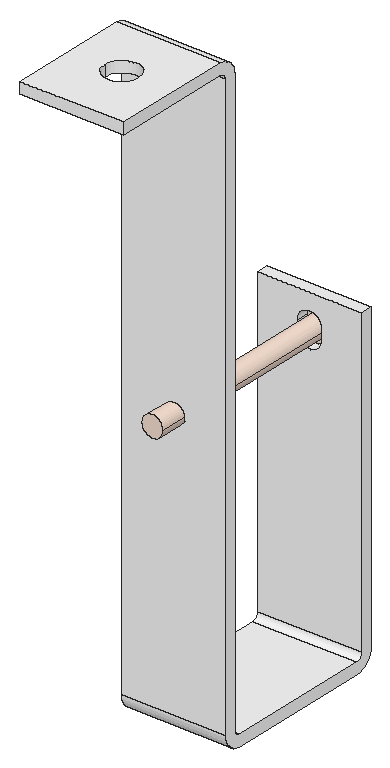
Revit family "lghanger_c75x45x15_outer", category 機械設備, Revit 2022
Family settings
  丸型コネクタ寸法 = 直径を使用
  種別 = なし
  パーツ タイプ = 標準
  作業面ベース = いいえ
  常に垂直 = はい
  ロード時にボイドで切り取り = いいえ
  注釈の向きを維持 = いいえ
  共有 = いいえ
  部屋計算ポイント = いいえ
Parameters
  製造元 = "株式会社桐井製作所"
  既定の高さ = 0 mm
  URL = "https://www.kirii.co.jp/"
  K_材質 = "SGHC　一般用"
  K_品名 = "75×45×15LGハンガー(外折れ)"
  K_名称 = "その他ハンガー"
  K_入数 = "100"
  K_バージョン情報 = "20211012"
  K_めっき付着量 = "Z12"
  K_JIS規格 = "JIS G 3302"
Reference planes
  plane 1 "中心(正面/背面)": y = 0
  plane 2: z = 0
  plane 3 "中心(左/右)": x = 0
  plane 4: x = 15
  plane 5: x = -15
Forms (mm)
  Extrusion 1, solid
    sketch origin (0, 0, 0) x (0, 1, 0) y (0, 0, 1)
      loop
        line (0, 1.8) -> (0, 171.8)
        arc (0, 171.8) -> (-1.464, 175.336) -> (-5, 176.8) r 5
        line (-5, 176.8) -> (-40, 176.8) -> (-40, 173.6) -> (-5, 173.6)
        arc (-5, 173.6) -> (-3.727, 173.073) -> (-3.2, 171.8) r 1.8
        line (-3.2, 171.8) -> (-3.2, 1.8)
        arc (-3.2, 1.8) -> (-1.736, -1.736) -> (1.8, -3.2) r 5
        line (1.8, -3.2) -> (44.2, -3.2)
        arc (44.2, -3.2) -> (47.736, -1.736) -> (49.2, 1.8) r 5
        line (49.2, 1.8) -> (49.2, 89.8) -> (46, 89.8) -> (46, 1.8)
        arc (46, 1.8) -> (45.473, 0.527) -> (44.2, 0) r 1.8
        line (44.2, 0) -> (1.8, 0)
        arc (1.8, 0) -> (0.527, 0.527) -> (0, 1.8) r 1.8
    from -15 to 15
  Extrusion 2, void
    sketch origin (0, 0, 0) x (1, 0, 0) y (0, 1, 0)
      loop
        circle (0, -22.019) r 5
    from 173.6 to 176.8
  Extrusion 3, void
    sketch origin (0, 0, 0) x (1, 0, 0) y (0, 0, 1)
      loop
        circle (0, 79.96) r 3
    from 0 to 3.2
  Extrusion 4, void
    sketch origin (0, 15, 15) x (1, 0, 0) y (0, 0, 1)
      loop
        arc (3.5, 66.5) -> (0, 70) -> (-3.5, 66.5) r 3.5
        line (-3.5, 66.5) -> (-3.5, 63.5)
        arc (-3.5, 63.5) -> (0, 60) -> (3.5, 63.5) r 3.5
        line (3.5, 63.5) -> (3.5, 66.5)
    from -34.2 to -31
Cuts and joins
  Extrusion 2, Extrusion 3, Extrusion 4 cuts Extrusion 1
Dimensions and locks
  aligned and locked: level to plane 2
Nested families
  nested 1: "M6×60ボルト" at (-0.01, 49.2, 80.161) x (-1, 0, 0) z (0, 0, 1), type "M6×60ボルト"
Definition of nested family "M6×60ボルト"
  Parameters (values of type "M6×60ボルト")
    Manufacturer = "株式会社桐井製作所"
    Default Elevation = 0 mm
    URL = "https://www.kirii.co.jp/"
    K_名称 = "M6×60ボルト"
  Reference planes
    plane 1 "中心(正面/背面)": y = 0
    plane 2: z = 0
    plane 3 "中心(左/右)": x = 0
    plane 4 "正面": y = -4
  Forms (mm)
    Extrusion 1, solid
      sketch origin (0, 0, 0) x (1, 0, 0) y (0, 0, 1)
        loop
          line (-4.763, -2.946) -> (0, -5.696) -> (4.763, -2.946) -> (4.763, 2.554) -> (0, 5.304) -> (-4.763, 2.554) -> (-4.763, -2.946)
      from 0 to 4
    Extrusion 2, void
      sketch origin (0, -4, 0) x (-1, 0, 0) y (0, 0, 1)
        loop
          circle (0, -0.156) r 4.396
      from 0 to 1
    Extrusion 3, void
      sketch origin (0, -4, 0) x (-1, 0, 0) y (0, 0, 1)
        loop
          arc (-0.6, 1.814) -> (-1.069, 0.856) -> (-2.036, 0.404) r 1.605
          line (-2.036, 0.404) -> (-2.939, 0.404)
          arc (-2.939, 0.404) -> (-3, -0.195) -> (-2.94, -0.795) r 3
          line (-2.94, -0.795) -> (-2.049, -0.795)
          arc (-2.049, -0.795) -> (-1.074, -1.243) -> (-0.6, -2.206) r 1.605
          line (-0.6, -2.206) -> (-0.6, -3.135)
          arc (-0.6, -3.135) -> (0, -3.196) -> (0.6, -3.135) r 3
          line (0.6, -3.135) -> (0.6, -2.206)
          arc (0.6, -2.206) -> (1.074, -1.243) -> (2.049, -0.795) r 1.605
          line (2.049, -0.795) -> (2.94, -0.795)
          arc (2.94, -0.795) -> (3, -0.198) -> (2.941, 0.398) r 3
          line (2.941, 0.398) -> (2.117, 0.398)
          arc (2.117, 0.398) -> (1.098, 0.828) -> (0.6, 1.814) r 1.605
          line (0.6, 1.814) -> (0.6, 2.743)
          arc (0.6, 2.743) -> (0, 2.804) -> (-0.6, 2.743) r 3
          line (-0.6, 2.743) -> (-0.6, 1.814)
      from 0 to 2
    Extrusion 4, solid
      sketch origin (0, 0, 0) x (1, 0, 0) y (0, 0, 1)
        loop
          circle (-0.011, -0.2) r 3
      from 0 to -60
  Cuts and joins
    Extrusion 2, Extrusion 3 cuts Extrusion 1
    joined: Extrusion 1, Extrusion 4
  Dimensions and locks
    aligned and locked: level to plane 2
